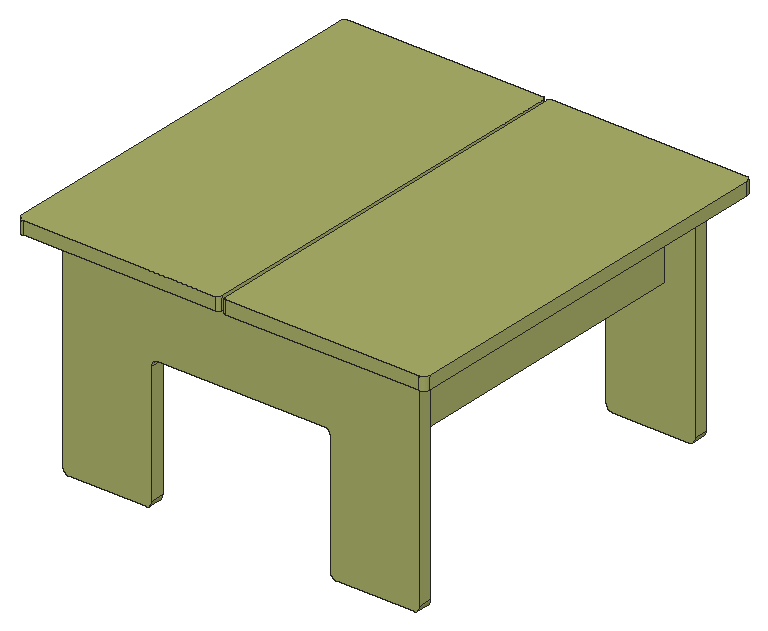
Revit family "Lollygagger Ottoman", category Furniture, Revit 2016
Family settings
  OmniClass Number = 23.40.20.00
  OmniClass Title = General Furniture and Specialties
  Work Plane-Based = No
  Always vertical = Yes
  Cut with Voids When Loaded = No
  Shared = No
  Room Calculation Point = No
Parameters (values of type "Loll-Leaf")
  with Leg = 3 1/2"  # constant formula
  Width = 16"  # constant formula
  URL = "https://lolldesigns.com/"
  Type Image = lollygagger_ottoman.jpg
  Thick = 1/2"  # constant formula
  Model = ""
  Manufacturer = "Loll"  # constant formula
  Length = 16"  # constant formula
  Height Top = 9 13/256"  # constant formula
  Finish Material = Loll-Leaf
  Apron = 3 77/256"  # constant formula
Types (11): name | Finish Material
  Loll-Black | Loll-Black
  Loll-Sunset | Loll-Sunset
  Loll-Chocolate | Loll-Chocolate
  Loll-Sky | Loll-Sky
  Loll-Apple | Loll-Apple
  Loll-Leaf | Loll-Leaf
  Loll-Evergreen | Loll-Evergreen
  Loll-Charcoal | Loll-Charcoal
  Loll-Sand | Loll-Sand
  Loll-Navy Blue | Loll-Navy Blue
  Loll-White | Loll-White
Reference planes (in)
  plane 1 "Center Front/Back": y = 0
  plane 2: z = 0
  plane 3 "Center Left/Right": x = 0
  plane 4: z = 9.05078
  plane 5: z = 8.55078
  plane 6: y = 8
  plane 7: y = -8
  plane 8: z = 5.25
  plane 9: x = -8
  plane 10: x = -0.0625
  plane 11: x = 0.0625
  plane 12: x = 8
  plane 13: y = 7
  plane 14: y = -7
  plane 15: y = 6.5
  plane 16: y = -6.5
  plane 17: x = -7
  plane 18: x = -3.5
  plane 19: x = 3.5
  plane 20: x = 7
  plane 21: x = 5.75
  plane 22: x = 5.25
  plane 23: x = -5.75
  plane 24: x = -5.25
  plane 25: z = 8.05078
Forms (in)
  Extrusion 1, solid, material "Loll-Leaf" <- "Finish Material"
    sketch origin (0, 0, 0) x (1, 0, 0) y (0, 1, 0)
      loop
        arc (-7.75, 8) -> (-7.92678, 7.92678) -> (-8, 7.75) r 0.25
        line (-8, 7.75) -> (-8, -7.75)
        arc (-8, -7.75) -> (-7.92678, -7.92678) -> (-7.75, -8) r 0.25
        line (-7.75, -8) -> (-0.18853, -8)
        arc (-0.18853, -8) -> (-0.09941, -7.96309) -> (-0.0625, -7.87397) r 0.12603
        line (-0.0625, -7.87397) -> (-0.0625, 7.87488)
        arc (-0.0625, 7.87488) -> (-0.09915, 7.96335) -> (-0.18762, 8) r 0.12512
        line (-0.18762, 8) -> (-7.75, 8)
    from 8.55078 to 9.05078
  Extrusion 2, solid, material "Loll-Leaf" <- "Finish Material"
    sketch origin (8.0625, 0.28155, 0) x (1, 0, 0) y (0, 1, 0)
      loop
        arc (-7.87834, 7.71845) -> (-7.96437, 7.68282) -> (-8, 7.59679) r 0.12166
        line (-8, 7.59679) -> (-8, -8.15695)
        arc (-8, -8.15695) -> (-7.96351, -8.24505) -> (-7.8754, -8.28155) r 0.1246
        line (-7.8754, -8.28155) -> (-0.30977, -8.28155)
        arc (-0.30977, -8.28155) -> (-0.13492, -8.20912) -> (-0.0625, -8.03428) r 0.24727
        line (-0.0625, -8.03428) -> (-0.0625, 7.46925)
        arc (-0.0625, 7.46925) -> (-0.13549, 7.64546) -> (-0.3117, 7.71845) r 0.2492
        line (-0.3117, 7.71845) -> (-7.87834, 7.71845)
    from 8.55078 to 9.05078
  Extrusion 3, solid, material "Loll-Leaf" <- "Finish Material"
    sketch origin (0, 0, 0) x (0, 1, 0) y (0, 0, 1)
      loop
        line (6.5, 5.25) -> (6.5, 8.55078) -> (-6.5, 8.55078) -> (-6.5, 5.25) -> (6.5, 5.25)
    from 5.25 to 5.75
  Extrusion 4, solid, material "Loll-Leaf" <- "Finish Material"
    sketch origin (0, 0, 0) x (1, 0, 0) y (0, 0, 1)
      loop
        line (-7, 8.55078) -> (-7, 0.25)
        arc (-7, 0.25) -> (-6.92678, 0.07322) -> (-6.75, 0) r 0.25
        line (-6.75, 0) -> (-3.75, 0)
        arc (-3.75, 0) -> (-3.57322, 0.07322) -> (-3.5, 0.25) r 0.25
        line (-3.5, 0.25) -> (-3.5, 5)
        arc (-3.5, 5) -> (-3.42678, 5.17678) -> (-3.25, 5.25) r 0.25
        line (-3.25, 5.25) -> (3.25, 5.25)
        arc (3.25, 5.25) -> (3.42678, 5.17678) -> (3.5, 5) r 0.25
        line (3.5, 5) -> (3.5, 0.25)
        arc (3.5, 0.25) -> (3.57322, 0.07322) -> (3.75, 0) r 0.25
        line (3.75, 0) -> (6.75, 0)
        arc (6.75, 0) -> (6.92678, 0.07322) -> (7, 0.25) r 0.25
        line (7, 0.25) -> (7, 8.55078) -> (-7, 8.55078)
    from 6.5 to 7
  Extrusion 5, solid, material "Loll-Leaf" <- "Finish Material"
    sketch origin (0, 13.5, 0) x (1, 0, 0) y (0, 0, 1)
      loop
        line (-7, 8.55078) -> (-7, 0.25)
        arc (-7, 0.25) -> (-6.92678, 0.07322) -> (-6.75, 0) r 0.25
        line (-6.75, 0) -> (-3.75, 0)
        arc (-3.75, 0) -> (-3.57322, 0.07322) -> (-3.5, 0.25) r 0.25
        line (-3.5, 0.25) -> (-3.5, 5)
        arc (-3.5, 5) -> (-3.42678, 5.17678) -> (-3.25, 5.25) r 0.25
        line (-3.25, 5.25) -> (3.25, 5.25)
        arc (3.25, 5.25) -> (3.42678, 5.17678) -> (3.5, 5) r 0.25
        line (3.5, 5) -> (3.5, 0.25)
        arc (3.5, 0.25) -> (3.57322, 0.07322) -> (3.75, 0) r 0.25
        line (3.75, 0) -> (6.75, 0)
        arc (6.75, 0) -> (6.92678, 0.07322) -> (7, 0.25) r 0.25
        line (7, 0.25) -> (7, 8.55078) -> (-7, 8.55078)
    from 6.5 to 7
  Extrusion 6, solid, material "Loll-Leaf" <- "Finish Material"
    sketch origin (-10.5, 0, 0) x (0, 1, 0) y (0, 0, 1)
      loop
        line (6.5, 5.25) -> (6.5, 8.55078) -> (-6.5, 8.55078) -> (-6.5, 5.25) -> (6.5, 5.25)
    from 4.75 to 5.25
  Extrusion 7, solid, material "Loll-Leaf" <- "Finish Material"
    sketch origin (0, 6.5, 0) x (1, 0, 0) y (0, 0, 1)
      loop
        line (-5.25, 7.625) -> (-5.25, 5.625) -> (-3.875, 5.625)
        arc (-3.875, 5.625) -> (-3.69822, 5.69822) -> (-3.625, 5.875) r 0.25
        line (-3.625, 5.875) -> (-3.625, 7.37575)
        arc (-3.625, 7.37575) -> (-3.698, 7.552) -> (-3.87425, 7.625) r 0.24925
        line (-3.87425, 7.625) -> (-5.25, 7.625)
      loop
        circle (-4.25092, 6.62523) r 0.1562
    from 0 to 0.52
  Extrusion 8, solid, material "Loll-Leaf" <- "Finish Material"
    sketch origin (0, 6.5, 0) x (-1, 0, 0) y (0, 0, -1)
      loop
        line (-5.25, -7.625) -> (-3.87425, -7.625)
        arc (-3.87425, -7.625) -> (-3.698, -7.552) -> (-3.625, -7.37575) r 0.24925
        line (-3.625, -7.37575) -> (-3.625, -5.875)
        arc (-3.625, -5.875) -> (-3.69822, -5.69822) -> (-3.875, -5.625) r 0.25
        line (-3.875, -5.625) -> (-5.25, -5.625) -> (-5.25, -7.625)
      loop
        circle (-4.25092, -6.62523) r 0.1562
    from 0 to 0.52
  Extrusion 9, solid, material "Loll-Leaf" <- "Finish Material"
    sketch origin (0, -6.5, 0) x (1, 0, 0) y (0, 0, -1)
      loop
        line (-5.25, -7.625) -> (-3.87425, -7.625)
        arc (-3.87425, -7.625) -> (-3.698, -7.552) -> (-3.625, -7.37575) r 0.24925
        line (-3.625, -7.37575) -> (-3.625, -5.875)
        arc (-3.625, -5.875) -> (-3.69822, -5.69822) -> (-3.875, -5.625) r 0.25
        line (-3.875, -5.625) -> (-5.25, -5.625) -> (-5.25, -7.625)
      loop
        circle (-4.25092, -6.62523) r 0.1562
    from 0 to 0.52
  Extrusion 10, solid, material "Loll-Leaf" <- "Finish Material"
    sketch origin (0, -6.5, 0) x (-1, 0, 0) y (0, 0, 1)
      loop
        line (-5.25, 7.625) -> (-5.25, 5.625) -> (-3.875, 5.625)
        arc (-3.875, 5.625) -> (-3.69822, 5.69822) -> (-3.625, 5.875) r 0.25
        line (-3.625, 5.875) -> (-3.625, 7.37575)
        arc (-3.625, 7.37575) -> (-3.698, 7.552) -> (-3.87425, 7.625) r 0.24925
        line (-3.87425, 7.625) -> (-5.25, 7.625)
      loop
        circle (-4.25092, 6.62523) r 0.1562
    from 0 to 0.52
  Extrusion 11, solid, material "Loll-Leaf" <- "Finish Material"
    sketch origin (0, 0, 8.55078) x (0, 1, 0) y (1, 0, 0)
      loop
        line (-5.125, -3.03125) -> (-6.5, -3.03125) -> (-6.5, -5.03125) -> (-5.125, -5.03125)
        arc (-5.125, -5.03125) -> (-4.94822, -4.95803) -> (-4.875, -4.78125) r 0.25
        line (-4.875, -4.78125) -> (-4.875, -3.28125)
        arc (-4.875, -3.28125) -> (-4.94822, -3.10447) -> (-5.125, -3.03125) r 0.25
      loop
        circle (-5.50012, -4.03125) r 0.15388
    from 0 to 0.5
  Extrusion 12, solid, material "Loll-Leaf" <- "Finish Material"
    sketch origin (0, 0, 8.55078) x (0, -1, 0) y (-1, 0, 0)
      loop
        arc (5.125, -3.03125) -> (4.94822, -3.10447) -> (4.875, -3.28125) r 0.25
        line (4.875, -3.28125) -> (4.875, -4.78125)
        arc (4.875, -4.78125) -> (4.94822, -4.95803) -> (5.125, -5.03125) r 0.25
        line (5.125, -5.03125) -> (6.5, -5.03125) -> (6.5, -3.03125) -> (5.125, -3.03125)
      loop
        circle (5.50012, -4.03125) r 0.15388
    from 0 to 0.5
  Extrusion 13, solid, material "Loll-Leaf" <- "Finish Material"
    sketch origin (0, 0, 8.55078) x (0, 1, 0) y (1, 0, 0)
      loop
        arc (5.125, -3.03125) -> (4.94822, -3.10447) -> (4.875, -3.28125) r 0.25
        line (4.875, -3.28125) -> (4.875, -4.78125)
        arc (4.875, -4.78125) -> (4.94822, -4.95803) -> (5.125, -5.03125) r 0.25
        line (5.125, -5.03125) -> (6.5, -5.03125) -> (6.5, -3.03125) -> (5.125, -3.03125)
      loop
        circle (5.50012, -4.03125) r 0.15388
    from 0 to 0.5
  Extrusion 14, solid, material "Loll-Leaf" <- "Finish Material"
    sketch origin (0, 0, 8.55078) x (0, -1, 0) y (-1, 0, 0)
      loop
        line (-5.125, -3.03125) -> (-6.5, -3.03125) -> (-6.5, -5.03125) -> (-5.125, -5.03125)
        arc (-5.125, -5.03125) -> (-4.94822, -4.95803) -> (-4.875, -4.78125) r 0.25
        line (-4.875, -4.78125) -> (-4.875, -3.28125)
        arc (-4.875, -3.28125) -> (-4.94822, -3.10447) -> (-5.125, -3.03125) r 0.25
      loop
        circle (-5.50012, -4.03125) r 0.15388
    from 0 to 0.5
Lines and regions (in)
  Masking region 1
    outline origin (-30, 0, 0) x (1, 0, 0) y (0, 0, 1)
      loop
        line (37, 0.25) -> (37, 8.55078) -> (30.0625, 8.55078) -> (30.0625, 8.75078) -> (29.9375, 8.75078) -> (29.9375, 8.55078) -> (23, 8.55078) -> (23, 0.25)
        arc (23, 0.25) -> (23.07322, 0.07322) -> (23.25, 0) r 0.25
        line (23.25, 0) -> (26.25, 0)
        arc (26.25, 0) -> (26.42678, 0.07322) -> (26.5, 0.25) r 0.25
        line (26.5, 0.25) -> (26.5, 5)
        arc (26.5, 5) -> (26.57322, 5.17678) -> (26.75, 5.25) r 0.25
        line (26.75, 5.25) -> (33.25, 5.25)
        arc (33.25, 5.25) -> (33.42678, 5.17678) -> (33.5, 5) r 0.25
        line (33.5, 5) -> (33.5, 0.25)
        arc (33.5, 0.25) -> (33.57322, 0.07322) -> (33.75, 0) r 0.25
        line (33.75, 0) -> (36.75, 0)
        arc (36.75, 0) -> (36.92678, 0.07322) -> (37, 0.25) r 0.25
  Masking region 2
    outline origin (0, 0, 0) x (1, 0, 0) y (0, 1, 0)
      loop
        arc (-7.75, 8) -> (-7.92678, 7.92678) -> (-8, 7.75) r 0.25
        line (-8, 7.75) -> (-8, -7.75)
        arc (-8, -7.75) -> (-7.92678, -7.92678) -> (-7.75, -8) r 0.25
        line (-7.75, -8) -> (-0.18853, -8)
        arc (-0.18853, -8) -> (-0.09941, -7.96309) -> (-0.0625, -7.87397) r 0.12603
        line (-0.0625, -7.87397) -> (-0.0625, 7.87488)
        arc (-0.0625, 7.87488) -> (-0.09915, 7.96335) -> (-0.18762, 8) r 0.12512
        line (-0.18762, 8) -> (-7.75, 8)
      loop
        arc (0.18416, 8) -> (0.09813, 7.96437) -> (0.0625, 7.87834) r 0.12166
        line (0.0625, 7.87834) -> (0.0625, -7.8754)
        arc (0.0625, -7.8754) -> (0.09899, -7.96351) -> (0.1871, -8) r 0.1246
        line (0.1871, -8) -> (7.75273, -8)
        arc (7.75273, -8) -> (7.92758, -7.92758) -> (8, -7.75273) r 0.24727
        line (8, -7.75273) -> (8, 7.7508)
        arc (8, 7.7508) -> (7.92701, 7.92701) -> (7.7508, 8) r 0.2492
        line (7.7508, 8) -> (0.18416, 8)
  Masking region 3
    outline origin (0, 0, 0) x (1, 0, 0) y (0, 0, 1)
      loop
        line (8, 8.55078) -> (8, 9.05078) -> (0.0625, 9.05078) -> (0.0625, 8.55078) -> (8, 8.55078)
      loop
        line (-0.0625, 9.05078) -> (-8, 9.05078) -> (-8, 8.55078) -> (-0.0625, 8.55078) -> (-0.0625, 9.05078)
  Masking region 4
    outline origin (0, 0, 0) x (0, 1, 0) y (0, 0, 1)
      loop
        line (8, 8.55) -> (8, 9.05078) -> (-8, 9.05078) -> (-8, 8.55) -> (-7, 8.55) -> (-7, 0) -> (-6.5, 0) -> (-6.5, 5.25) -> (6.5, 5.25) -> (6.5, 0) -> (7, 0) -> (7, 8.55) -> (8, 8.55)
  symbolic lines
    curve 1: line (0, 7, 8.55078) -> (0, -7, 8.55078)
    curve 2: line (0, 6.5, 5.25) -> (0, 6.5, 8.55078)
    curve 3: line (0, -6.5, 5.25) -> (0, -6.5, 8.55078)
Dimensions and locks (in)
  "Height Top": plane 4 to level
  "Thick": plane 4 to plane 5
  "Length": plane 9 to plane 12
  equal spacing: plane 9, plane 3 "Center Left/Right", plane 12
  "Width": plane 6 to plane 7
  equal spacing: plane 7, plane 1 "Center Front/Back", plane 6
  locked: plane 12 to plane 20 at 1
  locked: plane 17 to plane 9 at 1
  "with Leg": plane 20 to plane 19
  "with Leg": plane 18 to plane 17
  "Apron": plane 8 to plane 5
  "Thick": plane 5 to plane 25
  aligned and locked: level to plane 2
  aligned and locked: Extrusion 1 to plane 9
  aligned and locked: plane 10 to Extrusion 1
  aligned and locked: plane 4 to Extrusion 1
  aligned and locked: Extrusion 1 to plane 5
  aligned and locked: Extrusion 2 to plane 11
  aligned and locked: Extrusion 2 to plane 7
  aligned and locked: plane 12 to Extrusion 2
  aligned and locked: plane 6 to Extrusion 2
  aligned and locked: Masking region 2 sketch curve to Extrusion 1  (x4)
  aligned and locked: Masking region 2 sketch curve to Extrusion 2  (x4)
  aligned and locked: plane 8 to Extrusion 3 sketch curve
  aligned and locked: Extrusion 3 sketch curve to plane 15
  aligned and locked: Extrusion 3 sketch curve to plane 5
  aligned and locked: Extrusion 3 sketch curve to plane 16
  aligned and locked: Extrusion 3 to plane 22
  aligned and locked: plane 21 to Extrusion 3
  aligned and locked: Extrusion 4 sketch curve to plane 17
  aligned and locked: Extrusion 4 sketch curve to level  (x2)
  aligned and locked: Extrusion 4 sketch curve to plane 18
  aligned and locked: Extrusion 4 sketch curve to plane 5
  aligned and locked: Extrusion 4 sketch curve to plane 8
  aligned and locked: Extrusion 4 sketch curve to plane 19
  aligned and locked: Extrusion 4 sketch curve to plane 20
  aligned and locked: Extrusion 4 to plane 16
  aligned and locked: plane 14 to Extrusion 4
  aligned and locked: Masking region 1 sketch curve to Extrusion 4
  aligned and locked: plane 5 to Masking region 1 sketch curve
  aligned and locked: plane 17 to Masking region 1 sketch curve
  aligned and locked: level to Masking region 1 sketch curve  (x2)
  aligned and locked: plane 18 to Masking region 1 sketch curve
  aligned and locked: plane 8 to Masking region 1 sketch curve
  aligned and locked: plane 19 to Masking region 1 sketch curve
  aligned and locked: plane 18 to Extrusion 4
  aligned and locked: Extrusion 4 to plane 8
  aligned and locked: plane 20 to Extrusion 4
  aligned and locked: Masking region 1 to plane 18
  aligned and locked: Extrusion 4 to plane 17
  aligned and locked: Extrusion 4 to level  (x2)
  aligned and locked: Masking region 3 sketch curve to Extrusion 2  (x4)
  aligned and locked: Masking region 3 sketch curve to Extrusion 1  (x4)
  aligned and locked: plane 11 to Masking region 1 sketch curve
  aligned and locked: plane 10 to Masking region 1 sketch curve
  aligned and locked: Masking region 4 sketch curve to Extrusion 2
  aligned and locked: Masking region 4 sketch curve to Extrusion 1  (x2)
  aligned and locked: plane 13 to Masking region 4 sketch curve
  aligned and locked: plane 15 to Masking region 4 sketch curve
  aligned and locked: level to Masking region 4 sketch curve  (x2)
  aligned and locked: Masking region 4 sketch curve to plane 16
  aligned and locked: Masking region 4 sketch curve to plane 14
  aligned and locked: Masking region 4 sketch curve to plane 8
  aligned and locked: plane 16 to curve 3
  aligned and locked: plane 15 to Extrusion 3
  aligned and locked: curve 1 to plane 5
  aligned and locked: plane 5 to Extrusion 5
  aligned and locked: plane 20 to Extrusion 5
  aligned and locked: Extrusion 5 to plane 19
  aligned and locked: Extrusion 5 to plane 8
  aligned and locked: plane 18 to Extrusion 5
  aligned and locked: Extrusion 5 to plane 17
  aligned and locked: Extrusion 5 to level  (x2)
  aligned and locked: plane 23 to Extrusion 6
  aligned and locked: Extrusion 6 to plane 24
  aligned and locked: plane 24 to Extrusion 7 sketch curve
  aligned and locked: plane 16 to Extrusion 9
  aligned and locked: plane 16 to Extrusion 10
  aligned and locked: Extrusion 11 sketch curve to plane 16
  aligned and locked: plane 5 to Extrusion 11
  aligned and locked: Extrusion 11 to plane 25
  aligned and locked: plane 16 to Extrusion 12
  aligned and locked: Extrusion 12 to plane 25
  aligned and locked: plane 15 to Extrusion 13
  aligned and locked: plane 15 to Extrusion 14
  aligned and locked: Extrusion 13 to plane 25
  aligned and locked: Extrusion 14 to plane 25
  aligned and locked: plane 4 to Extrusion 2
  aligned and locked: Extrusion 2 to plane 5
Automatic sketch dimensions
  curve 1 to plane 14 = 0"
  curve 2 to plane 15 = 0"
  curve 1 to plane 13 = 0"
  curve 2 to plane 8 = 0"
  curve 3 to plane 8 = 0"
  Masking region 1 sketch curve to plane 5 = 0"
  Masking region 1 sketch curve to Masking region 1 sketch curve = 1/4"
  Masking region 1 sketch curve to plane 18 = 1/4"
  Masking region 1 sketch curve to plane 8 = 1/4"
  Masking region 1 sketch curve to plane 19 = 1/4"
  plane 19 to Masking region 1 sketch curve = 1/4"
  Masking region 1 sketch curve to plane 20 = 1/4"
  Extrusion 1 sketch curve to plane 9 = 0"
  Extrusion 1 sketch curve to plane 7 = 0"
  Extrusion 1 sketch curve to plane 6 = 0"
  Extrusion 1 sketch curve to plane 10 = 0"
  Extrusion 1 sketch curve to Extrusion 1 sketch curve = 1/4"
  plane 9 to Extrusion 1 sketch curve = 1/4"
  Extrusion 1 sketch curve to Extrusion 1 sketch curve = 0.12603"
  Extrusion 1 sketch curve to plane 6 = 0.12512"
  Extrusion 2 sketch curve to plane 11 = 0"
  Extrusion 2 sketch curve to plane 6 = 0"
  Extrusion 2 sketch curve to plane 7 = 0"
  Extrusion 2 sketch curve to plane 12 = 0"
  Extrusion 2 sketch curve to Extrusion 2 sketch curve = 0.12166"
  plane 11 to Extrusion 2 sketch curve = 0.1246"
  Extrusion 2 sketch curve to plane 12 = 0.2492"
  Extrusion 2 sketch curve to plane 12 = 0.24727"
  plane 17 to Extrusion 4 sketch curve = 1/4"
  Extrusion 4 sketch curve to plane 18 = 1/4"
  plane 18 to Extrusion 4 sketch curve = 1/4"
  Extrusion 4 sketch curve to plane 19 = 1/4"
  level to Extrusion 4 sketch curve = 1/4"  (x2)
  Masking region 4 sketch curve to plane 5 = 0.00078"  (x2)
  Extrusion 5 sketch curve to plane 5 = 0"
  Extrusion 5 sketch curve to plane 17 = 0"
  Extrusion 5 sketch curve to level = 0"  (x2)
  Extrusion 5 sketch curve to plane 18 = 0"
  Extrusion 5 sketch curve to plane 8 = 0"
  Extrusion 5 sketch curve to plane 19 = 0"
  Extrusion 5 sketch curve to plane 20 = 0"
  plane 17 to Extrusion 5 sketch curve = 1/4"
  Extrusion 5 sketch curve to plane 18 = 1/4"
  plane 18 to Extrusion 5 sketch curve = 1/4"
  Extrusion 5 sketch curve to plane 19 = 1/4"
  Extrusion 5 sketch curve to Extrusion 5 sketch curve = 1/4"  (x2)
  Extrusion 6 sketch curve to plane 8 = 0"
  Extrusion 6 sketch curve to plane 16 = 0"
  Extrusion 6 sketch curve to plane 5 = 0"
  Extrusion 6 sketch curve to plane 15 = 0"
  Extrusion 7 sketch curve to Extrusion 5 = 0.75092"
  Extrusion 7 sketch curve to Extrusion 5 = 3/8"  (x2)
  Extrusion 7 sketch curve to Extrusion 5 = 0.37425"
  Extrusion 7 sketch curve to Extrusion 5 = 1/8"
  Extrusion 7 sketch curve to Extrusion 7 sketch curve = 0.75023"
  Extrusion 7 sketch curve to Extrusion 7 sketch curve = 0.75052"
  Extrusion 8 sketch curve to Extrusion 5 = 3/8"  (x2)
  Extrusion 8 sketch curve to Extrusion 5 = 1 3/4"
  Extrusion 8 sketch curve to Extrusion 5 = 0.75092"
  Extrusion 8 sketch curve to Extrusion 5 = 0.37425"
  Extrusion 8 sketch curve to Extrusion 5 = 1/8"
  Extrusion 8 sketch curve to Extrusion 8 sketch curve = 0.75023"
  Extrusion 8 sketch curve to Extrusion 8 sketch curve = 0.75052"
  plane 24 to Extrusion 9 sketch curve = 0"
  Extrusion 9 sketch curve to plane 18 = 0.75092"
  Extrusion 9 sketch curve to plane 18 = 3/8"
  Extrusion 9 sketch curve to plane 18 = 0.37425"
  Extrusion 9 sketch curve to plane 18 = 1/8"
  Extrusion 9 sketch curve to plane 25 = 109/256"
  Extrusion 9 sketch curve to Extrusion 9 sketch curve = 0.75052"
  plane 8 to Extrusion 9 sketch curve = 5/8"
  Extrusion 10 sketch curve to plane 22 = 0"
  plane 19 to Extrusion 10 sketch curve = 0.75092"
  plane 19 to Extrusion 10 sketch curve = 3/8"
  plane 19 to Extrusion 10 sketch curve = 0.37425"
  plane 19 to Extrusion 10 sketch curve = 1/8"
  plane 8 to Extrusion 10 sketch curve = 3/8"
  Extrusion 10 sketch curve to Extrusion 10 sketch curve = 0.75023"
  Extrusion 10 sketch curve to plane 25 = 0.67503"
  Extrusion 11 sketch curve to Extrusion 11 sketch curve = 0.99988"
  Extrusion 11 sketch curve to Extrusion 11 sketch curve = 0.37512"  (x2)
  Extrusion 11 sketch curve to Extrusion 11 sketch curve = 1/4"
  Extrusion 1 to Extrusion 11 sketch curve = 2 31/32"
  Extrusion 11 sketch curve to Extrusion 11 sketch curve = 3/4"  (x2)
  Extrusion 1 to Extrusion 12 sketch curve = 3 1/8"
  Extrusion 12 sketch curve to Extrusion 12 sketch curve = 1/4"  (x2)
  Extrusion 12 sketch curve to Extrusion 12 sketch curve = 0.37512"
  Extrusion 12 sketch curve to Extrusion 12 sketch curve = 1 3/8"
  Extrusion 12 sketch curve to Extrusion 1 = 3 3/32"
  Extrusion 12 sketch curve to Extrusion 12 sketch curve = 3/4"  (x2)
  Extrusion 1 to Extrusion 13 sketch curve = 3 1/8"
  Extrusion 13 sketch curve to Extrusion 13 sketch curve = 1/4"  (x2)
  Extrusion 13 sketch curve to Extrusion 13 sketch curve = 0.37512"
  Extrusion 13 sketch curve to Extrusion 13 sketch curve = 1 3/8"
  Extrusion 1 to Extrusion 13 sketch curve = 2 31/32"
  Extrusion 13 sketch curve to Extrusion 13 sketch curve = 3/4"  (x2)
  Extrusion 1 to Extrusion 14 sketch curve = 1 1/2"
  Extrusion 14 sketch curve to Extrusion 14 sketch curve = 0.99988"
  Extrusion 14 sketch curve to Extrusion 14 sketch curve = 0.37512"  (x2)
  Extrusion 14 sketch curve to Extrusion 14 sketch curve = 1/4"
  Extrusion 14 sketch curve to Extrusion 1 = 3 3/32"
  Extrusion 14 sketch curve to Extrusion 14 sketch curve = 3/4"  (x2)
  Masking region 1 sketch curve to Masking region 1 sketch curve = 0.2"
  radius of Extrusion 7 sketch curve = 0.1562"
  radius of Extrusion 8 sketch curve = 0.1562"
  radius of Extrusion 9 sketch curve = 0.1562"
  radius of Extrusion 10 sketch curve = 0.1562"
  radius of Extrusion 11 sketch curve = 0.15388"
  radius of Extrusion 12 sketch curve = 0.15388"
  radius of Extrusion 13 sketch curve = 0.15388"
  radius of Extrusion 14 sketch curve = 0.15388"
